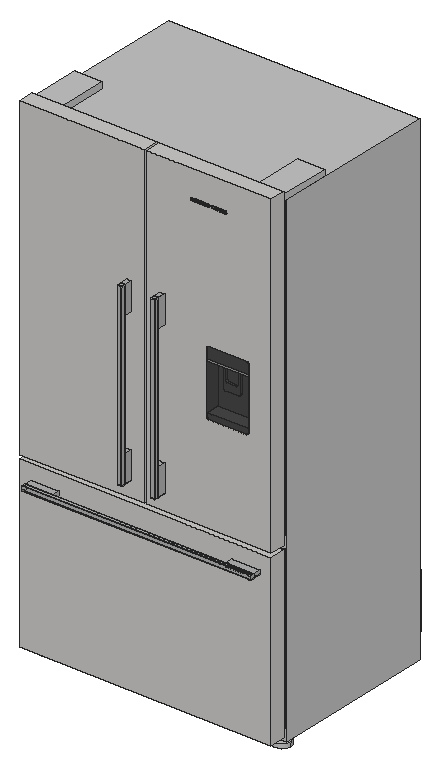
Revit family "FP_Revit_18_RF610ADUSX4_Fridge_90001954A", category Specialty Equipment, Revit 2018
Family settings
  Round Connector Dimension = Use Diameter
  Part Type = Normal
  OmniClass Number = 23.40.40.11.11.17
  OmniClass Title = Refrigerator-Freezer
  Work Plane-Based = No
  Always vertical = Yes
  Cut with Voids When Loaded = Yes
  Shared = No
  Room Calculation Point = No
Parameters
  Visibility - Contemporary square handle = yes
  Visibility - Contemporary round handle = no
  Visibility - Clearance Required = yes
  URL = "www.fisherpaykel.com"
  Product - Width = 900 mm  # constant formula
  Product - Height = 1795 mm  # constant formula
  Product - Depth = 695 mm  # constant formula
  Model = "RF610ADUSX4"
  Material - Handle = Fisher & Paykel - Aluminium
  Material - Door Structure = Fisher & Paykel - White
  Material - Door Front = Fisher & Paykel - Stainless Steel
  Material - Body = Fisher & Paykel - Grey
  Manufacturer = "Fisher & Paykel Appliances"
  Description = "90cm French Door Refrigerator Freezer, Ice and Water"
  Connector Description - Water = "Ø6mm (1/4”) quick connect"
  Connector Description - Electrical = "230 V, 50 Hz"
  Chassis - Width = 900 mm  # constant formula
  Chassis - Height = 1737 mm  # constant formula
  Chassis - Depth = 625 mm  # constant formula
  Cavity - Width = 940 mm  # constant formula
  Cavity - Height = 1815 mm  # constant formula
  Cavity - Depth = 695 mm  # constant formula
Reference planes
  plane 1 "Datum": y = 0
  plane 2: z = 0
  plane 3 "Center (Left/Right)": x = 0
  plane 4 "Product LHS": x = -450
  plane 5 "Product RHS": x = 450
  plane 6 "Product - Depth": y = 625
  plane 7 "Cavity LHS": x = -470
  plane 8 "Cavity RHS": x = 470
  plane 9 "Cavity - Depth": y = 625
  plane 10 "Cavity Height": z = 1815
  plane 11 "Product - Height": z = 1795
  plane 12 "Door Front": y = -70
Forms (mm)
  Extrusion 1, solid, material "Fisher & Paykel - Grey" <- "Material - Body"
    sketch origin (0, -1.89, -0.809) x (0, 1, 0) y (0, 0, 1)
      loop
        line (1.89, 24.809) -> (596.89, 24.809) -> (596.89, 1761.809) -> (1.89, 1761.809) -> (1.89, 24.809)
    from -450 to 450
  Extrusion 2, void
    sketch origin (-955, 0, 0) x (1, 0, 0) y (0, 0, 1)
      loop
        arc (1182.459, 1245.1) -> (1176.803, 1242.757) -> (1174.459, 1237.1) r 8
        line (1174.459, 1237.1) -> (1174.459, 1017.5)
        arc (1174.459, 1017.5) -> (1176.803, 1011.843) -> (1182.459, 1009.5) r 8
        line (1182.459, 1009.5) -> (1316.959, 1009.5)
        arc (1316.959, 1009.5) -> (1322.616, 1011.843) -> (1324.959, 1017.5) r 8
        line (1324.959, 1017.5) -> (1324.959, 1237.1)
        arc (1324.959, 1237.1) -> (1322.616, 1242.757) -> (1316.959, 1245.1) r 8
        line (1316.959, 1245.1) -> (1182.459, 1245.1)
    from 15 to 70.043
  Extrusion 3, solid, material "Fisher & Paykel - Clearance Required", visible <- "Visibility - Clearance Required", detail levels coarse
    sketch origin (0, 0, 0) x (0, 1, 0) y (0, 0, 1)
      loop
        line (-70.043, 645) -> (-429.921, 645) -> (-429.921, 592) -> (-470.878, 592) -> (-470.878, 576) -> (-429.921, 576) -> (-429.921, 41) -> (-70.043, 41) -> (-70.043, 645)
    from -457 to 457
  Extrusion 4, solid, material "Fisher & Paykel - White" <- "Material - Door Structure"
    sketch origin (0, 0, 0) x (1, 0, 0) y (0, 0, 1)
      loop
        line (-439, 639) -> (-439, 63) -> (442, 63) -> (442, 639) -> (-439, 639)
      loop
        line (-12, 682) -> (-12, 1755) -> (-439, 1755) -> (-439, 682) -> (-12, 682)
      loop
        line (12, 682) -> (442, 682) -> (442, 1755) -> (12, 1755) -> (12, 682)
    from 0 to 15
  Extrusion 5, solid, material "Fisher & Paykel - Stainless Steel" <- "Material - Door Front"
    sketch origin (0, 0, 0) x (1, 0, 0) y (0, 0, 1)
      loop
        line (-450, 660) -> (-4, 660) -> (-4, 1795) -> (-450, 1795) -> (-450, 660)
      loop
        line (4, 1795) -> (4, 660) -> (450, 660) -> (450, 1795) -> (4, 1795)
    from 15 to 70.043
  Extrusion 6, solid, material "Fisher & Paykel - Clearance Required", visible <- "Visibility - Clearance Required", detail levels coarse
    sketch origin (0, 0, 0) x (1, 0, 0) y (0, 1, 0)
      loop
        line (-470, 625) -> (-470, 0) -> (-584.999, 0) -> (-584.999, -70) -> (584.999, -70) -> (584.999, 0) -> (470, 0) -> (470, 625) -> (-470, 625)
    from 0 to 1810
  Extrusion 7, solid, material "Fisher & Paykel - Clearance Required", visible <- "Visibility - Clearance Required", detail levels coarse
    sketch origin (0, 0, 0) x (1, 0, 0) y (0, 1, 0)
      loop
        line (-524.032, -70.043) -> (-736.476, -261.329) -> (-764.471, -230.237) -> (-775.796, -241.562) -> (-748.362, -272.031) -> (-784.022, -304.139)
        arc (-784.022, -304.139) -> (-313.722, -454.62) -> (-4, -70.043) r 436.47
        line (-4, -70.043) -> (-524.032, -70.043)
      loop
        line (524.032, -70.043) -> (4, -70.043)
        arc (4, -70.043) -> (313.722, -454.62) -> (784.022, -304.139) r 436.47
        line (784.022, -304.139) -> (748.362, -272.031) -> (775.796, -241.562) -> (764.471, -230.237) -> (736.476, -261.329) -> (524.032, -70.043)
    from 660 to 1810
  Extrusion 8, solid, material "Fisher & Paykel - Grey" <- "Material - Body", detail levels medium+fine
    sketch origin (0, 0, 0) x (1, 0, 0) y (0, 1, 0)
      loop
        line (-351.4, 174) -> (-448.4, 174) -> (-448.4, -15) -> (-351.4, -15) -> (-351.4, 174)
      loop
        line (351.4, 174) -> (351.4, -15) -> (448.4, -15) -> (448.4, 174) -> (351.4, 174)
    from 1761 to 1783
  Extrusion 9, solid, material "Fisher & Paykel - Grey" <- "Material - Body", detail levels medium+fine
    sketch origin (0, 0, 0) x (1, 0, 0) y (0, 1, 0)
      loop
        circle (419.5, 18.6) r 30
      loop
        circle (-419.5, 18.6) r 30
    from 0 to 14
  Extrusion 10, solid, material "Fisher & Paykel - Grey" <- "Material - Body", detail levels medium+fine
    sketch origin (0, 0, 0) x (1, 0, 0) y (0, 1, 0)
      loop
        circle (419.5, 18.6) r 4.9
      loop
        circle (-419.5, 18.6) r 4.9
    from 14 to 24
  Extrusion 11, solid, material "Fisher & Paykel - Grey" <- "Material - Body", detail levels medium+fine
    sketch origin (0, 0, 0) x (0, 1, 0) y (0, 0, 1)
      loop
        arc (63.5, 24) -> (87.5, 0) -> (111.5, 24) r 24
        line (111.5, 24) -> (63.5, 24)
      loop
        arc (505, 24) -> (529, 0) -> (553, 24) r 24
        line (553, 24) -> (505, 24)
    from -393.35 to -376.65
  Extrusion 12, solid, material "Fisher & Paykel - Grey" <- "Material - Body", detail levels medium+fine
    sketch origin (0, 0, 0) x (0, 1, 0) y (0, 0, -1)
      loop
        line (63.5, -24) -> (111.5, -24)
        arc (111.5, -24) -> (87.5, 0) -> (63.5, -24) r 24
      loop
        line (505, -24) -> (553, -24)
        arc (553, -24) -> (529, 0) -> (505, -24) r 24
    from -393.35 to -376.65
  Extrusion 13, solid, material "Fisher & Paykel - Grey" <- "Material - Body"
    sketch origin (0, 0, 0) x (0, 1, 0) y (0, 0, 1)
      loop
        line (595, 24) -> (625, 24) -> (625, 294) -> (595, 324) -> (595, 24)
    from -430 to 430
  Extrusion 14, void
    sketch origin (0, 0, 0) x (1, 0, 0) y (0, 0, 1)
      loop
        line (255, 94) -> (255, 24) -> (430, 24) -> (430, 94) -> (255, 94)
      loop
        circle (410, 69) r 5
      loop
        circle (310, 69) r 5
    from -625 to -595
  Extrusion 15, solid, material "Fisher & Paykel - Stainless Steel" <- "Material - Door Front"
    sketch origin (0, 0, 0) x (0, 1, 0) y (0, 0, 1)
      loop
        line (-15, 645) -> (-70, 645) -> (-70, 41) -> (-15, 41) -> (-15, 645)
    from -450 to 450
  Extrusion 16, void
    sketch origin (0, 0, 0) x (1, 0, 0) y (0, 1, 0)
      loop
        line (-470, 625) -> (-470, 0) -> (-584.999, 0) -> (-584.999, -70) -> (584.999, -70) -> (584.999, 0) -> (470, 0) -> (470, 625) -> (-470, 625)
    from 0 to 1810
Cuts and joins
  Extrusion 2 cuts Extrusion 5
  Extrusion 14 cuts Extrusion 1
  Extrusion 14 cuts Extrusion 13
Text (mm)
  text "Due to ongoing product development, product details are subject to change without notice. \nPlease always refer to www.fisherpaykel.com for the most current product information. \n© Fisher & Paykel 2020" at (41.04, -527.568, 0), in view "Ref. Level (Plan)"
Dimensions and locks
  equal spacing: plane 4 "Product LHS", plane 3 "Center (Left/Right)", plane 5 "Product RHS"
  "Product - Width": plane 4 "Product LHS" to plane 5 "Product RHS"
  equal spacing: plane 7 "Cavity LHS", plane 3 "Center (Left/Right)", plane 8 "Cavity RHS"
  "Cavity - Width": plane 7 "Cavity LHS" to plane 8 "Cavity RHS"
  "Cavity - Height": plane 10 "Cavity Height" to level
  Extrusion 2 sketch curve to plane 3 "Center (Left/Right)" = 369.959 mm
  Extrusion 2 sketch curve to Extrusion 2 sketch curve = 235.6 mm
  Extrusion 2 sketch curve to level = 1009.5 mm
  Extrusion 2 sketch curve to Extrusion 2 sketch curve = 150.5 mm
  "Product - Height": level to plane 11 "Product - Height"
  "Chassis - Height": cut or joined group of Extrusion 1, Extrusion 14 to cut or joined group of Extrusion 1, Extrusion 14
  plane 7 "Cavity LHS" to plane 4 "Product LHS" = 20 mm
  plane 5 "Product RHS" to plane 8 "Cavity RHS" = 20 mm
  Extrusion 6 to plane 4 "Product LHS" = 134.999 mm
  plane 5 "Product RHS" to Extrusion 6 = 134.999 mm
  plane 11 "Product - Height" to nested 2 = 102.779 mm
  nested 2 to plane 3 "Center (Left/Right)" = 227 mm
  "Cavity - Depth": plane 12 "Door Front" to plane 9 "Cavity - Depth"
  plane 12 "Door Front" to plane 1 "Datum" = 70 mm
  "Chassis - Depth": plane 6 "Product - Depth" to plane 1 "Datum"
  "Product - Depth": plane 6 "Product - Depth" to plane 12 "Door Front"
  aligned and locked: level to plane 2
  aligned and locked: plane 4 "Product LHS" to Extrusion 1
  aligned and locked: Extrusion 1 to plane 5 "Product RHS"
  aligned and locked: Extrusion 9 to level
  aligned and locked: Extrusion 14 to Extrusion 13
  aligned and locked: plane 9 "Cavity - Depth" to Extrusion 6
  aligned and locked: plane 6 "Product - Depth" to Extrusion 14
  aligned and locked: plane 12 "Door Front" to Extrusion 6 sketch curve
  aligned and locked: Extrusion 6 sketch curve to plane 1 "Datum"
  aligned and locked: plane 12 "Door Front" to Extrusion 15 sketch curve
  aligned and locked: Extrusion 15 to plane 5 "Product RHS"
  aligned and locked: plane 4 "Product LHS" to Extrusion 15
  aligned and locked: Extrusion 15 to Extrusion 3
Automatic sketch dimensions
  Extrusion 1 sketch curve to plane 1 "Datum" = 0 mm
  Extrusion 1 sketch curve to plane 6 "Product - Depth" = 30 mm
  level to Extrusion 1 sketch curve = 24 mm
  plane 11 "Product - Height" to Extrusion 1 sketch curve = 34 mm
  Extrusion 2 sketch curve to Extrusion 2 sketch curve = 8 mm  (x4)
  plane 12 "Door Front" to Extrusion 3 sketch curve = 400.878 mm
  Extrusion 3 sketch curve to Extrusion 3 sketch curve = 40.957 mm
  Extrusion 3 sketch curve to Extrusion 3 sketch curve = 0 mm
  plane 12 "Door Front" to Extrusion 3 sketch curve = 0.043 mm
  level to Extrusion 3 sketch curve = 41 mm
  Extrusion 3 sketch curve to Extrusion 3 sketch curve = 535 mm
  Extrusion 3 sketch curve to Extrusion 3 sketch curve = 16 mm
  Extrusion 3 sketch curve to Extrusion 3 sketch curve = 53 mm
  Extrusion 4 sketch curve to plane 4 "Product LHS" = 11 mm  (x2)
  Extrusion 4 sketch curve to plane 3 "Center (Left/Right)" = 12 mm
  plane 3 "Center (Left/Right)" to Extrusion 4 sketch curve = 12 mm
  plane 5 "Product RHS" to Extrusion 4 sketch curve = 8 mm  (x2)
  level to Extrusion 4 sketch curve = 63 mm
  Extrusion 4 sketch curve to Extrusion 4 sketch curve = 576 mm
  Extrusion 4 sketch curve to Extrusion 4 sketch curve = 43 mm
  Extrusion 4 sketch curve to Extrusion 4 sketch curve = 0 mm  (x2)
  plane 11 "Product - Height" to Extrusion 4 sketch curve = 40 mm
  plane 4 "Product LHS" to Extrusion 5 sketch curve = 0 mm
  plane 5 "Product RHS" to Extrusion 5 sketch curve = 0 mm
  Extrusion 5 sketch curve to plane 11 "Product - Height" = 0 mm  (x2)
  Extrusion 5 sketch curve to plane 3 "Center (Left/Right)" = 4 mm
  plane 3 "Center (Left/Right)" to Extrusion 5 sketch curve = 4 mm
  level to Extrusion 5 sketch curve = 660 mm
  Extrusion 5 sketch curve to Extrusion 5 sketch curve = 0 mm
  Extrusion 6 sketch curve to plane 6 "Product - Depth" = 0 mm
  Extrusion 6 sketch curve to plane 7 "Cavity LHS" = 0 mm
  Extrusion 6 sketch curve to plane 8 "Cavity RHS" = 0 mm
  plane 1 "Datum" to Extrusion 6 sketch curve = 0 mm
  plane 7 "Cavity LHS" to Extrusion 6 sketch curve = 114.999 mm
  Extrusion 6 sketch curve to Extrusion 6 sketch curve = 114.999 mm
  plane 7 "Cavity LHS" to Extrusion 7 sketch curve = 314.022 mm
  Extrusion 7 sketch curve to Extrusion 7 sketch curve = 8.226 mm
  Extrusion 7 sketch curve to Extrusion 7 sketch curve = 11.325 mm  (x2)
  Extrusion 7 sketch curve to Extrusion 7 sketch curve = 27.434 mm
  plane 12 "Door Front" to Extrusion 7 sketch curve = 191.329 mm  (x2)
  Extrusion 7 sketch curve to Extrusion 7 sketch curve = 11.886 mm  (x2)
  plane 12 "Door Front" to Extrusion 7 sketch curve = 0.043 mm  (x2)
  plane 7 "Cavity LHS" to Extrusion 7 sketch curve = 54.032 mm
  Extrusion 7 sketch curve to plane 4 "Product LHS" = 10.815 mm
  Extrusion 7 sketch curve to plane 3 "Center (Left/Right)" = 4 mm
  plane 3 "Center (Left/Right)" to Extrusion 7 sketch curve = 4 mm
  plane 5 "Product RHS" to Extrusion 7 sketch curve = 10.815 mm
  Extrusion 7 sketch curve to plane 8 "Cavity RHS" = 54.032 mm
  Extrusion 7 sketch curve to plane 8 "Cavity RHS" = 266.476 mm
  plane 12 "Door Front" to Extrusion 7 sketch curve = 160.237 mm
  Extrusion 7 sketch curve to Extrusion 7 sketch curve = 35.66 mm
  Extrusion 7 sketch curve to Extrusion 7 sketch curve = 10.702 mm  (x2)
  Extrusion 7 sketch curve to Extrusion 7 sketch curve = 32.108 mm  (x2)
  Extrusion 8 sketch curve to plane 4 "Product LHS" = 1.6 mm
  plane 1 "Datum" to Extrusion 8 sketch curve = 15 mm  (x2)
  Extrusion 8 sketch curve to Extrusion 8 sketch curve = 97 mm
  plane 5 "Product RHS" to Extrusion 8 sketch curve = 98.6 mm
  plane 5 "Product RHS" to Extrusion 8 sketch curve = 1.6 mm
  Extrusion 8 sketch curve to plane 1 "Datum" = 174 mm  (x2)
  Extrusion 9 sketch curve to plane 4 "Product LHS" = 30.5 mm
  plane 5 "Product RHS" to Extrusion 9 sketch curve = 30.5 mm
  Extrusion 9 sketch curve to plane 1 "Datum" = 18.6 mm  (x2)
  Extrusion 10 sketch curve to plane 4 "Product LHS" = 30.5 mm
  plane 5 "Product RHS" to Extrusion 10 sketch curve = 30.5 mm
  Extrusion 10 sketch curve to plane 1 "Datum" = 18.6 mm  (x2)
  Extrusion 11 sketch curve to plane 1 "Datum" = 63.5 mm
  Extrusion 11 sketch curve to Extrusion 11 sketch curve = 24 mm  (x2)
  level to Extrusion 11 sketch curve = 24 mm  (x2)
  Extrusion 11 sketch curve to plane 6 "Product - Depth" = 120 mm
  Extrusion 12 sketch curve to plane 1 "Datum" = 63.5 mm
  Extrusion 12 sketch curve to Extrusion 12 sketch curve = 24 mm  (x2)
  level to Extrusion 12 sketch curve = 24 mm  (x2)
  Extrusion 12 sketch curve to plane 6 "Product - Depth" = 120 mm
  Extrusion 13 sketch curve to plane 6 "Product - Depth" = 0 mm
  Extrusion 13 sketch curve to plane 6 "Product - Depth" = 30 mm
  level to Extrusion 13 sketch curve = 24 mm
  Extrusion 13 sketch curve to Extrusion 13 sketch curve = 270 mm
  Extrusion 13 sketch curve to Extrusion 13 sketch curve = 30 mm
  level to Extrusion 14 sketch curve = 94 mm
  plane 5 "Product RHS" to Extrusion 14 sketch curve = 195 mm
  Extrusion 14 sketch curve to Extrusion 14 sketch curve = 55 mm
  plane 5 "Product RHS" to Extrusion 14 sketch curve = 40 mm
  plane 5 "Product RHS" to Extrusion 14 sketch curve = 20 mm
  Extrusion 14 sketch curve to Extrusion 14 sketch curve = 25 mm  (x2)
  level to Extrusion 14 sketch curve = 24 mm
  plane 1 "Datum" to Extrusion 15 sketch curve = 15 mm
  level to Extrusion 15 sketch curve = 41 mm
  plane 1 "Datum" to Extrusion 16 sketch curve = 0 mm  (x2)
  plane 12 "Door Front" to Extrusion 16 sketch curve = 0 mm
  Extrusion 16 sketch curve to plane 6 "Product - Depth" = 0 mm
  Extrusion 16 sketch curve to plane 7 "Cavity LHS" = 0 mm
  Extrusion 16 sketch curve to plane 8 "Cavity RHS" = 0 mm
  plane 7 "Cavity LHS" to Extrusion 16 sketch curve = 114.999 mm
  Extrusion 16 sketch curve to Extrusion 16 sketch curve = 114.999 mm
  Extrusion 15 sketch curve to Extrusion 15 sketch curve = 604 mm
  radius of Extrusion 9 sketch curve = 30 mm  (x2)
  radius of Extrusion 10 sketch curve = 4.9 mm  (x2)
  radius of Extrusion 14 sketch curve = 5 mm  (x2)
Nested families
  nested 1: "F&P Water Dispenser" at (294.25, -70, 1009.5), type "F&P Water Dispenser"
  nested 2: "F&P Logo 130mm" at (227, -70, 1692.221), type "F&P Logo 130mm"
  nested 3: "F&P Handle Contemporary Square - Horizontal" at (0, -70, 584.022), visible <- "Visibility - Contemporary square handle", type "Aluminium"
  nested 4: "F&P Handle Contemporary Square - Vertical" at (60, -70, 1036), visible <- "Visibility - Contemporary square handle", type "Aluminium"
  nested 5: "F&P Handle Contemporary Square - Vertical" at (-60, -70, 1036), visible <- "Visibility - Contemporary square handle", type "Aluminium"
  nested 6: "F&P Handle Kit - Contemporary Round - Horizontal" at (0, -70, 584.026), visible <- "Visibility - Contemporary round handle", type "25335 AHS-RF-610 - Contemporary round handle (2 of 2) (Horizontal) 820mm"
  nested 7: "F&P Handle Kit - Contemporary Round - Vertical" at (-60, -70, 1036), visible <- "Visibility - Contemporary round handle", type "25335 AHS-RF-610A - Contemporary round handle (1 of 2) (Vertical) 642mm"
  nested 8: "F&P Handle Kit - Contemporary Round - Vertical" at (60, -70, 1036), visible <- "Visibility - Contemporary round handle", type "25335 AHS-RF-610A - Contemporary round handle (1 of 2) (Vertical) 642mm"
Connectors
  electrical at (410, 625, 69), driven by "Connector Description - Electrical"
    settings: on cut or joined group of Extrusion 13, Extrusion 14, index 1, voltage 230 V, apparent load 0 VA, apparent load phase1 0 VA, apparent load phase2 0 VA, apparent load phase3 0 VA, power factor 1, load classification "Other", number of poles 1, system type 30, power factor state 1, is connector primary yes, connector utility no, sub classification motor no, connector description "230 V, 50 Hz"
  piping at (310, 625, 69), diameter 6, driven by "Connector Description - Water"
    settings: on cut or joined group of Extrusion 13, Extrusion 14, index 2, connector inside diameter 609.6 mm, connector length 0 mm, flow factor 0, pipe flow 0.0 L/s, pressure drop 0.0 Pa, fitting loss kfactor 0, connector angle 0.00°, fixture units 0, engagement length 0 mm, angle of deflection 0.00°, flow configuration 0, flow direction 1, fitting loss method 0, system type 20, joint type 0, gender type 0, connector reference index -1, connector utility 0, adjustable connector no, is connector primary yes, connector description "Ø6mm (1/4”) quick connect"
Definition of nested family "F&P Water Dispenser"
  Parameters (values of type "F&P Water Dispenser")
    URL = "www.fisherpaykel.com"
    Material - Trim = none
    Material - Body = none
    Manufacturer = "Fisher & Paykel Appliances"
    Connector Description - Water = ""
    Connector Description - Electrical = ""
  Reference planes
    plane 1 "Center (Front/Back)": y = 0
    plane 2: z = 0
    plane 3 "Center (Left/Right)": x = 0
  Forms (mm)
    Extrusion 1, solid, material <- "Material - Body"
      sketch origin (0, 0, 0) x (1, 0, 0) y (0, 0, 1)
        loop
          arc (-67.25, 235.6) -> (-72.907, 233.257) -> (-75.25, 227.6) r 8
          line (-75.25, 227.6) -> (-75.25, 8)
          arc (-75.25, 8) -> (-72.907, 2.343) -> (-67.25, 0) r 8
          line (-67.25, 0) -> (67.25, 0)
          arc (67.25, 0) -> (72.907, 2.343) -> (75.25, 8) r 8
          line (75.25, 8) -> (75.25, 227.609)
          arc (75.25, 227.609) -> (72.909, 233.259) -> (67.259, 235.6) r 7.991
          line (67.259, 235.6) -> (-67.25, 235.6)
        loop
          line (-74.25, 192.6) -> (-74.25, 20) -> (74.25, 20) -> (74.25, 192.6) -> (-74.25, 192.6)
      from -55 to 0
    Extrusion 2, solid, material <- "Material - Trim", detail levels fine
      sketch origin (0, 0, 0) x (1, 0, 0) y (0, 0, 1)
        loop
          line (-74.25, 192.6) -> (-74.25, 187.1) -> (74.25, 187.1) -> (74.25, 192.6) -> (-74.25, 192.6)
      from -55 to 0
    Extrusion 3, solid, material <- "Material - Body"
      sketch origin (0, 0, 0) x (1, 0, 0) y (0, 0, 1)
        loop
          line (-74.25, 187.1) -> (-74.25, 20) -> (74.25, 20) -> (74.25, 187.1) -> (-74.25, 187.1)
      from -55 to -50
    Extrusion 4, solid, material <- "Material - Body", detail levels fine
      sketch origin (0, 0, 0) x (1, 0, 0) y (0, 0, 1)
        loop
          line (-30, 187.1) -> (-30, 105.1)
          arc (-30, 105.1) -> (-27.657, 99.443) -> (-22, 97.1) r 8
          line (-22, 97.1) -> (22, 97.1)
          arc (22, 97.1) -> (27.657, 99.443) -> (30, 105.1) r 8
          line (30, 105.1) -> (30, 187.1) -> (23.5, 187.1) -> (23.5, 134.1)
          arc (23.5, 134.1) -> (21.157, 128.443) -> (15.5, 126.1) r 8
          line (15.5, 126.1) -> (-15.5, 126.1)
          arc (-15.5, 126.1) -> (-21.157, 128.443) -> (-23.5, 134.1) r 8
          line (-23.5, 134.1) -> (-23.5, 187.1) -> (-30, 187.1)
      from -27.6 to -21.6
    Extrusion 5, solid, material <- "Material - Body", detail levels fine
      sketch origin (0, 0, 0) x (1, 0, 0) y (0, 1, 0)
        loop
          circle (0, 24.6) r 7.5
      from 179.1 to 187.1
  Dimensions and locks
    aligned and locked: level to plane 2
Definition of nested family "F&P Logo 130mm"
  Parameters (values of type "F&P Logo 130mm")
    URL = "www.fisherpaykel.com"
    Material - Logo = none
    Manufacturer = "Fisher & Paykel Appliances"
  Reference planes
    plane 1 "Center (Front/Back)": y = 0
    plane 2: z = 0
    plane 3 "Center (Left/Right)": x = 0
  Forms (mm)
    Extrusion 1, solid, material <- "Material - Logo", detail levels fine
      sketch origin (0, 0, 0) x (1, 0, 0) y (0, 0, 1)
        loop
          line (-64.995, 0) -> (-62.949, 0) -> (-62.949, 2.779) -> (-59.752, 2.779) -> (-59.752, 4.514) -> (-62.949, 4.514) -> (-62.949, 6.125) -> (-59.47, 6.125) -> (-59.47, 7.852) -> (-64.995, 7.852) -> (-64.995, 0)
        loop
          line (-55.583, 7.852) -> (-55.583, 0) -> (-53.537, 0) -> (-53.537, 7.852) -> (-55.583, 7.852)
        loop
          line (-39.879, 7.852) -> (-39.879, 0) -> (-37.834, 0) -> (-37.834, 3.146) -> (-34.828, 3.146) -> (-34.828, 0) -> (-32.782, 0) -> (-32.782, 7.852) -> (-34.828, 7.852) -> (-34.828, 4.872) -> (-37.834, 4.872) -> (-37.834, 7.852) -> (-39.879, 7.852)
        loop
          line (-28.416, 7.852) -> (-28.416, 0) -> (-22.821, 0) -> (-22.821, 1.727) -> (-26.388, 1.727) -> (-26.388, 3.146) -> (-23.128, 3.146) -> (-23.128, 4.872) -> (-26.388, 4.872) -> (-26.388, 6.125) -> (-22.821, 6.125) -> (-22.821, 7.852) -> (-28.416, 7.852)
        loop
          line (59.429, 7.852) -> (59.429, 0) -> (65.005, 0) -> (65.005, 1.727) -> (61.476, 1.727) -> (61.476, 7.852) -> (59.429, 7.852)
        loop
          line (55.223, 7.852) -> (49.609, 7.852) -> (49.609, 0) -> (55.223, 0) -> (55.223, 1.727) -> (51.655, 1.727) -> (51.655, 3.146) -> (54.916, 3.146) -> (54.916, 4.872) -> (51.655, 4.872) -> (51.655, 6.125) -> (55.223, 6.125) -> (55.223, 7.852)
        loop
          line (43.548, 4.092) -> (46.45, 7.852) -> (44.059, 7.852) -> (41.552, 4.604) -> (41.552, 7.852) -> (39.507, 7.852) -> (39.507, 0) -> (41.552, 0) -> (41.552, 3.517) -> (44.136, 0) -> (46.554, 0) -> (43.548, 4.092)
        loop
          line (28.637, 7.852) -> (31.604, 3.146) -> (31.604, 0) -> (33.65, 0) -> (33.65, 3.043) -> (36.617, 7.852) -> (34.443, 7.852) -> (32.692, 4.819) -> (30.941, 7.852) -> (28.637, 7.852)
        loop
          line (24.085, 7.852) -> (22.141, 7.852) -> (18.943, 0) -> (20.952, 0) -> (21.514, 1.445) -> (24.66, 1.445) -> (25.223, 0) -> (27.282, 0) -> (24.085, 7.852)
        loop
          line (23.982, 3.171) -> (23.064, 5.426) -> (22.186, 3.171) -> (23.982, 3.171)
        loop
          line (10.503, 7.852) -> (10.503, 0) -> (12.55, 0) -> (12.55, 2.519) -> (13.842, 2.519)
          arc (13.842, 2.519) -> (16.508, 5.186) -> (13.842, 7.852) r 2.666
          line (13.842, 7.852) -> (10.503, 7.852)
        loop
          line (12.55, 6.125) -> (12.55, 4.156) -> (13.714, 4.156)
          arc (13.714, 4.156) -> (14.699, 5.141) -> (13.714, 6.125) r 0.985
          line (13.714, 6.125) -> (12.55, 6.125)
        loop
          line (-15.255, 7.852) -> (-18.614, 7.852) -> (-18.614, 0) -> (-16.568, 0) -> (-16.568, 2.052) -> (-15.768, 2.052) -> (-14.202, 0) -> (-11.836, 0) -> (-13.84, 2.565)
          arc (-13.84, 2.565) -> (-12.519, 5.752) -> (-15.255, 7.852) r 2.833
        loop
          line (-15.404, 6.125) -> (-16.568, 6.125) -> (-16.568, 3.969) -> (-15.404, 3.969)
          arc (-15.404, 3.969) -> (-14.326, 5.047) -> (-15.404, 6.125) r 1.078
        loop
          line (0.683, 6.125) -> (0.683, 7.999) -> (-4.586, 7.999) -> (-4.586, 6.306) -> (-3.804, 5.345)
          arc (-3.804, 5.345) -> (-4.501, 0.889) -> (0.004, 0.665) r 3.034
          line (0.004, 0.665) -> (0.546, 0) -> (2.867, 0) -> (1.181, 2.072) -> (2.704, 4.268) -> (0.602, 4.268) -> (0.046, 3.467) -> (-2.117, 6.125) -> (0.683, 6.125)
        loop
          arc (-2.7, 3.989) -> (-2.887, 2.168) -> (-1.066, 1.981) r 1.294
          line (-1.066, 1.981) -> (-2.7, 3.989)
        loop
          line (-45.672, 4.724) -> (-47.408, 5.084)
          arc (-47.408, 5.084) -> (-48.101, 5.776) -> (-47.408, 6.469) r 0.693
          arc (-47.408, 6.469) -> (-45.742, 6.227) -> (-44.214, 5.522) r 5.856
          line (-44.214, 5.522) -> (-44.214, 7.466)
          arc (-44.214, 7.466) -> (-46.152, 8.033) -> (-48.168, 7.942) r 6.144
          arc (-48.168, 7.942) -> (-50.034, 5.635) -> (-48.168, 3.329) r 2.358
          line (-48.168, 3.329) -> (-46.418, 2.967)
          arc (-46.418, 2.967) -> (-45.725, 2.274) -> (-46.418, 1.581) r 0.693
          arc (-46.418, 1.581) -> (-48.083, 1.823) -> (-49.611, 2.528) r 5.856
          line (-49.611, 2.528) -> (-49.611, 0.584)
          arc (-49.611, 0.584) -> (-47.674, 0.017) -> (-45.658, 0.108) r 6.144
          arc (-45.658, 0.108) -> (-43.791, 2.422) -> (-45.672, 4.724) r 2.358
      from 0 to 0.8
  Dimensions and locks
    aligned and locked: level to plane 2
Definition of nested family "F&P Handle Contemporary Square - Horizontal"
  Parameters (values of type "Aluminium (Dark)")
    URL = "www.fisherpaykel.com"
    Material - Handle = none
    Manufacturer = "Fisher & Paykel Appliances"
    Handle - Standoff = 100 mm
    Handle - Length = 820 mm
  Types (2): name
    Aluminium
    Aluminium (Dark)
  Reference planes
    plane 1 "Center (Front/Back)": y = 0
    plane 2: z = 0
    plane 3 "Center (Left/Right)": x = 0
    plane 4 "Product LHS": x = -410
    plane 5 "Product RHS": x = 410
    plane 6 "LHS Standoff": x = -310
    plane 7 "RHS Standoff": x = 310
  Forms (mm)
    Extrusion 1, solid, material <- "Material - Handle", detail levels fine
      sketch origin (0, 0, 0) x (0, 1, 0) y (0, 0, 1)
        loop
          arc (-27.701, 7.561) -> (-28.057, 7.868) -> (-28.514, 7.978) r 1
          line (-28.514, 7.978) -> (-39.5, 7.978)
          arc (-39.5, 7.978) -> (-40.561, 7.539) -> (-41, 6.478) r 1.5
          line (-41, 6.478) -> (-41, -6.522)
          arc (-41, -6.522) -> (-40.561, -7.583) -> (-39.5, -8.022) r 1.5
          line (-39.5, -8.022) -> (-28.487, -8.022)
          arc (-28.487, -8.022) -> (-28.029, -7.911) -> (-27.673, -7.602) r 1
          arc (-27.673, -7.602) -> (-25.256, -0.016) -> (-27.701, 7.561) r 13.038
      from -410 to 410
    Extrusion 2, solid, material <- "Material - Handle", detail levels fine
      sketch origin (0, 0, 0) x (0, 1, 0) y (0, 0, 1)
        loop
          arc (-27.23, 7.062) -> (-25.156, 0.008) -> (-27.198, -7.056) r 13.136
          arc (-27.198, -7.056) -> (-27.21, -7.463) -> (-26.86, -7.67) r 0.4
          line (-26.86, -7.67) -> (0, -7.67) -> (0, 7.678) -> (-26.893, 7.678)
          arc (-26.893, 7.678) -> (-27.244, 7.47) -> (-27.23, 7.062) r 0.4
      from 310 to 410
    Extrusion 3, solid, material <- "Material - Handle", detail levels fine
      sketch origin (0, 0, 0) x (0, 1, 0) y (0, 0, -1)
        loop
          arc (-27.23, -7.062) -> (-27.244, -7.47) -> (-26.893, -7.678) r 0.4
          line (-26.893, -7.678) -> (0, -7.678) -> (0, 7.67) -> (-26.86, 7.67)
          arc (-26.86, 7.67) -> (-27.21, 7.463) -> (-27.198, 7.056) r 0.4
          arc (-27.198, 7.056) -> (-25.156, -0.008) -> (-27.23, -7.062) r 13.136
      from 310 to 410
    Sweep 4, void
      path in 3D
        loop
          line (410, -28.514, 7.978) -> (410, -39.5, 7.978)
          arc (410, -39.5, 7.978) -> (410, -40.561, 7.539) -> (410, -41, 6.478) r 1.5
          line (410, -41, 6.478) -> (410, -41, -6.522)
          arc (410, -41, -6.522) -> (410, -40.561, -7.583) -> (410, -39.5, -8.022) r 1.5
          line (410, -39.5, -8.022) -> (410, -28.487, -8.022)
      profile origin (410, -34.007, 7.978) x (1, 0, 0) y (0, 0, 1)
        loop
          line (0, 0) -> (-1.3, 0) -> (0, -1.3) -> (0, 0)
    Sweep 5, void
      path in 3D
        loop
          line (-410, -28.487, -8.022) -> (-410, -39.5, -8.022)
          arc (-410, -39.5, -8.022) -> (-410, -40.561, -7.583) -> (-410, -41, -6.522) r 1.5
          line (-410, -41, -6.522) -> (-410, -41, 6.478)
          arc (-410, -41, 6.478) -> (-410, -40.561, 7.539) -> (-410, -39.5, 7.978) r 1.5
          line (-410, -39.5, 7.978) -> (-410, -28.514, 7.978)
      profile origin (-410, -34.007, 7.978) x (-1, 0, 0) y (0, 0, 1)
        loop
          line (0, 0) -> (-1.3, 0) -> (0, -1.3) -> (0, 0)
    Extrusion 6, void
      sketch origin (0, 0, 0) x (1, 0, 0) y (0, 0, 1)
        loop
          line (410, 7.978) -> (408.7, 7.978) -> (410, 6.678) -> (410, 7.978)
        loop
          line (410, -8.022) -> (410, -6.722) -> (408.7, -8.022) -> (410, -8.022)
      from 0 to 28.514
    Extrusion 7, void
      sketch origin (0, 0, 0) x (1, 0, 0) y (0, 0, 1)
        loop
          line (-410, 7.978) -> (-410, 6.678) -> (-408.7, 7.978) -> (-410, 7.978)
        loop
          line (-410, -8.022) -> (-408.7, -8.022) -> (-410, -6.722) -> (-410, -8.022)
      from 0 to 28.487
    Extrusion 8, solid, material <- "Material - Handle", detail levels coarse+medium
      sketch origin (0, 0, 0) x (1, 0, 0) y (0, 1, 0)
        loop
          line (-410, -41) -> (410, -41) -> (410, 0) -> (310, 0) -> (310, -26.156) -> (-310, -26.156) -> (-310, 0) -> (-410, 0) -> (-410, -41)
      from -8.022 to 7.978
  Cuts and joins
    Sweep 4, Sweep 5, Extrusion 6, Extrusion 7 cuts Extrusion 1
    Extrusion 6 cuts Extrusion 2
    Extrusion 7 cuts Extrusion 3
  Lines and regions (mm)
    sketch lines
      curve 1: line (410, -28.514, 7.978) -> (410, -39.5, 7.978)
      curve 2: arc (410, -41, 6.478) -> (410, -40.561, 7.539) -> (410, -39.5, 7.978) r 1.5
      curve 3: line (410, -41, 6.478) -> (410, -41, -6.522)
      curve 4: arc (410, -39.5, -8.022) -> (410, -40.561, -7.583) -> (410, -41, -6.522) r 1.5
      curve 5: line (410, -39.5, -8.022) -> (410, -28.487, -8.022)
      curve 6: line (-410, -39.5, 7.978) -> (-410, -28.514, 7.978)
      curve 7: arc (-410, -39.5, 7.978) -> (-410, -40.561, 7.539) -> (-410, -41, 6.478) r 1.5
      curve 8: line (-410, -41, -6.522) -> (-410, -41, 6.478)
      curve 9: arc (-410, -41, -6.522) -> (-410, -40.561, -7.583) -> (-410, -39.5, -8.022) r 1.5
      curve 10: line (-410, -28.487, -8.022) -> (-410, -39.5, -8.022)
  Dimensions and locks
    equal spacing: plane 4 "Product LHS", plane 3 "Center (Left/Right)", plane 5 "Product RHS"
    "Handle - Length": plane 4 "Product LHS" to plane 5 "Product RHS"
    "Handle - Standoff": plane 4 "Product LHS" to plane 6 "LHS Standoff"
    "Handle - Standoff": plane 7 "RHS Standoff" to plane 5 "Product RHS"
    Extrusion 8 to plane 1 "Center (Front/Back)" = 41 mm
    aligned and locked: level to plane 2
    aligned and locked: Extrusion 1 to plane 5 "Product RHS"
    aligned and locked: plane 4 "Product LHS" to Extrusion 1
    aligned and locked: Extrusion 2 to plane 5 "Product RHS"
    aligned and locked: plane 4 "Product LHS" to Extrusion 3
    aligned and locked: plane 4 "Product LHS" to Extrusion 8 sketch curve
    aligned and locked: Extrusion 8 sketch curve to plane 5 "Product RHS"
    aligned and locked: Extrusion 8 sketch curve to plane 7 "RHS Standoff"
    aligned and locked: plane 6 "LHS Standoff" to Extrusion 8 sketch curve
    aligned and locked: Extrusion 2 to plane 7 "RHS Standoff"
    aligned and locked: plane 6 "LHS Standoff" to Extrusion 3
  Automatic sketch dimensions
    Extrusion 1 sketch curve to level = 6.522 mm
    plane 1 "Center (Front/Back)" to Extrusion 1 sketch curve = 41 mm
    Extrusion 1 sketch curve to Extrusion 1 sketch curve = 1.5 mm  (x2)
    Extrusion 1 sketch curve to level = 0.04 mm
    Extrusion 1 sketch curve to Extrusion 1 sketch curve = 1.206 mm
    level to Extrusion 1 sketch curve = 6.978 mm
    Extrusion 1 sketch curve to Extrusion 1 sketch curve = 10.986 mm
    Extrusion 1 sketch curve to Extrusion 1 sketch curve = 11.013 mm
    Extrusion 1 sketch curve to Extrusion 1 sketch curve = 1 mm
    level to Extrusion 1 sketch curve = 6.478 mm
    Extrusion 1 sketch curve to Extrusion 1 sketch curve = 0 mm
    Extrusion 2 sketch curve to plane 1 "Center (Front/Back)" = 0 mm
    Extrusion 2 sketch curve to level = 7.67 mm
    Extrusion 2 sketch curve to Extrusion 2 sketch curve = 26.86 mm
    level to Extrusion 2 sketch curve = 7.678 mm
    Extrusion 2 sketch curve to Extrusion 2 sketch curve = 0.033 mm
    Extrusion 2 sketch curve to level = 0.022 mm
    Extrusion 2 sketch curve to Extrusion 2 sketch curve = 11.398 mm
    Extrusion 2 sketch curve to Extrusion 2 sketch curve = 0.4 mm  (x2)
    Extrusion 2 sketch curve to Extrusion 2 sketch curve = 0 mm
    Extrusion 3 sketch curve to plane 1 "Center (Front/Back)" = 0 mm
    Extrusion 3 sketch curve to level = 7.67 mm
    Extrusion 3 sketch curve to Extrusion 3 sketch curve = 26.86 mm
    level to Extrusion 3 sketch curve = 7.678 mm
    Extrusion 3 sketch curve to Extrusion 3 sketch curve = 0.033 mm
    Extrusion 3 sketch curve to level = 0.022 mm
    Extrusion 3 sketch curve to Extrusion 3 sketch curve = 11.398 mm
    Extrusion 3 sketch curve to Extrusion 3 sketch curve = 0.4 mm  (x2)
    Extrusion 3 sketch curve to Extrusion 3 sketch curve = 0 mm
    profile plane to Sweep 4 sketch curve = 0 mm
    Sweep 4 sketch curve to profile plane = 0 mm
    Sweep 4 sketch curve to profile plane = 1.3 mm
    profile plane to Sweep 4 sketch curve = 1.3 mm
    Sweep 5 sketch curve to profile plane = 0 mm  (x2)
    profile plane to Sweep 5 sketch curve = 1.3 mm
    Sweep 5 sketch curve to profile plane = 1.3 mm
    plane 5 "Product RHS" to Extrusion 6 sketch curve = 0 mm  (x2)
    Extrusion 6 sketch curve to Extrusion 6 sketch curve = 1.3 mm  (x4)
    Extrusion 6 sketch curve to level = 6.722 mm
    level to Extrusion 6 sketch curve = 6.678 mm
    plane 4 "Product LHS" to Extrusion 7 sketch curve = 0 mm  (x2)
    Extrusion 7 sketch curve to plane 4 "Product LHS" = 1.3 mm  (x2)
    Extrusion 7 sketch curve to level = 8.022 mm
    level to Extrusion 7 sketch curve = 6.678 mm
    Extrusion 7 sketch curve to Extrusion 7 sketch curve = 1.3 mm  (x2)
    plane 1 "Center (Front/Back)" to Extrusion 8 sketch curve = 0 mm  (x2)
    Extrusion 8 sketch curve to Extrusion 8 sketch curve = 26.156 mm
    Extrusion 8 sketch curve to Extrusion 8 sketch curve = 41 mm
Definition of nested family "F&P Handle Contemporary Square - Vertical"
  Parameters (values of type "Alunimium (Dark)")
    URL = "www.fisherpaykel.com"
    Material - Handle = none
    Manufacturer = "Fisher & Paykel Appliances"
    Handle - Standoff = 100 mm
    Handle - Length = 642 mm
  Types (2): name
    Alunimium (Dark)
    Alunimium
  Reference planes
    plane 1 "Center (Front/Back)": y = 0
    plane 2: z = 0
    plane 3 "Center (Left/Right)": x = 0
    plane 4 "Top": z = 321
    plane 5 "Bottom": z = -321
    plane 6 "Top Standoff": z = 221
    plane 7 "Bottom Standoff": z = -221
  Forms (mm)
    Extrusion 1, solid, material <- "Material - Handle", detail levels fine
      sketch origin (0, 0, 0) x (1, 0, 0) y (0, 1, 0)
        loop
          arc (-7.583, -28.701) -> (-7.89, -29.057) -> (-8, -29.514) r 1
          line (-8, -29.514) -> (-8, -40.5)
          arc (-8, -40.5) -> (-7.561, -41.561) -> (-6.5, -42) r 1.5
          line (-6.5, -42) -> (6.5, -42)
          arc (6.5, -42) -> (7.561, -41.561) -> (8, -40.5) r 1.5
          line (8, -40.5) -> (8, -29.487)
          arc (8, -29.487) -> (7.889, -29.029) -> (7.58, -28.673) r 1
          arc (7.58, -28.673) -> (-0.006, -26.256) -> (-7.583, -28.701) r 13.038
      from -321 to 321
    Extrusion 2, solid, material <- "Material - Handle", detail levels fine
      sketch origin (0, 0, 0) x (1, 0, 0) y (0, 1, 0)
        loop
          arc (7.058, -28.23) -> (7.466, -28.244) -> (7.674, -27.893) r 0.4
          line (7.674, -27.893) -> (7.674, 0) -> (-7.674, 0) -> (-7.674, -27.86)
          arc (-7.674, -27.86) -> (-7.467, -28.21) -> (-7.06, -28.198) r 0.4
          arc (-7.06, -28.198) -> (0.004, -26.156) -> (7.058, -28.23) r 13.136
      from 221 to 321
    Extrusion 3, solid, material <- "Material - Handle", detail levels fine
      sketch origin (0, 0, 0) x (1, 0, 0) y (0, 1, 0)
        loop
          arc (7.058, -28.23) -> (7.466, -28.244) -> (7.674, -27.893) r 0.4
          line (7.674, -27.893) -> (7.674, 0) -> (-7.674, 0) -> (-7.674, -27.86)
          arc (-7.674, -27.86) -> (-7.467, -28.21) -> (-7.06, -28.198) r 0.4
          arc (-7.06, -28.198) -> (0.004, -26.156) -> (7.058, -28.23) r 13.136
      from -321 to -221
    Sweep 4, void
      path in 3D
        loop
          line (-8, -29.514, 321) -> (-8, -40.5, 321)
          arc (-8, -40.5, 321) -> (-7.561, -41.561, 321) -> (-6.5, -42, 321) r 1.5
          line (-6.5, -42, 321) -> (6.5, -42, 321)
          arc (6.5, -42, 321) -> (7.561, -41.561, 321) -> (8, -40.5, 321) r 1.5
          line (8, -40.5, 321) -> (8, -29.487, 321)
      profile origin (8, -34.994, 321) x (-1, 0, 0) y (0, 0, 1)
        loop
          line (0, 0) -> (0, -1.3) -> (1.3, 0) -> (0, 0)
    Sweep 5, void
      path in 3D
        loop
          line (8, -29.487, -321) -> (8, -40.5, -321)
          arc (8, -40.5, -321) -> (7.561, -41.561, -321) -> (6.5, -42, -321) r 1.5
          line (6.5, -42, -321) -> (-6.5, -42, -321)
          arc (-6.5, -42, -321) -> (-7.561, -41.561, -321) -> (-8, -40.5, -321) r 1.5
          line (-8, -40.5, -321) -> (-8, -29.514, -321)
      profile origin (8, -34.994, -321) x (-1, 0, 0) y (0, 0, -1)
        loop
          line (0, 0) -> (0, -1.3) -> (1.3, 0) -> (0, 0)
    Extrusion 6, void
      sketch origin (0, 0, 0) x (1, 0, 0) y (0, 0, 1)
        loop
          line (-8, -319.7) -> (-8, -321) -> (-6.7, -321) -> (-8, -319.7)
        loop
          line (8, -319.7) -> (6.7, -321) -> (8, -321) -> (8, -319.7)
      from 0 to 40
    Extrusion 7, void
      sketch origin (0, 0, 0) x (1, 0, 0) y (0, 0, 1)
        loop
          line (-8, 321) -> (-8, 319.7) -> (-6.7, 321) -> (-8, 321)
        loop
          line (8, 321) -> (6.7, 321) -> (8, 319.7) -> (8, 321)
      from 0 to 40
    Extrusion 8, solid, material <- "Material - Handle", detail levels coarse+medium
      sketch origin (0, 0, 0) x (0, 1, 0) y (0, 0, 1)
        loop
          line (0, 321) -> (-42, 321) -> (-42, -321) -> (0, -321) -> (0, -221) -> (-26.245, -221) -> (-26.245, 221) -> (0, 221) -> (0, 321)
      from -8 to 8
  Cuts and joins
    Sweep 4, Sweep 5, Extrusion 6, Extrusion 7 cuts Extrusion 1
    Extrusion 6 cuts Extrusion 3
    Extrusion 7 cuts Extrusion 2
  Lines and regions (mm)
    sketch lines
      curve 1: line (8, -40.5, 321) -> (8, -29.487, 321)
      curve 2: arc (8, -40.5, 321) -> (7.561, -41.561, 321) -> (6.5, -42, 321) r 1.5
      curve 3: line (-6.5, -42, 321) -> (6.5, -42, 321)
      curve 4: arc (-6.5, -42, 321) -> (-7.561, -41.561, 321) -> (-8, -40.5, 321) r 1.5
      curve 5: line (-8, -29.514, 321) -> (-8, -40.5, 321)
      curve 6: line (8, -29.487, -321) -> (8, -40.5, -321)
      curve 7: arc (6.5, -42, -321) -> (7.561, -41.561, -321) -> (8, -40.5, -321) r 1.5
      curve 8: line (6.5, -42, -321) -> (-6.5, -42, -321)
      curve 9: arc (-8, -40.5, -321) -> (-7.561, -41.561, -321) -> (-6.5, -42, -321) r 1.5
      curve 10: line (-8, -40.5, -321) -> (-8, -29.514, -321)
  Dimensions and locks
    equal spacing: plane 4 "Top", level, plane 5 "Bottom"
    "Handle - Length": plane 4 "Top" to plane 5 "Bottom"
    "Handle - Standoff": plane 4 "Top" to plane 6 "Top Standoff"
    "Handle - Standoff": plane 7 "Bottom Standoff" to plane 5 "Bottom"
    aligned and locked: level to plane 2
    aligned and locked: plane 4 "Top" to Extrusion 2
    aligned and locked: Extrusion 2 to plane 6 "Top Standoff"
    aligned and locked: plane 4 "Top" to Extrusion 1
    aligned and locked: Extrusion 1 to plane 5 "Bottom"
    aligned and locked: Extrusion 3 to plane 5 "Bottom"
    aligned and locked: plane 7 "Bottom Standoff" to Extrusion 3
    aligned and locked: plane 4 "Top" to Extrusion 8 sketch curve
    aligned and locked: plane 6 "Top Standoff" to Extrusion 8 sketch curve
    aligned and locked: plane 7 "Bottom Standoff" to Extrusion 8 sketch curve
    aligned and locked: plane 5 "Bottom" to Extrusion 8 sketch curve
    aligned and locked: plane 1 "Center (Front/Back)" to Extrusion 8 sketch curve  (x2)
  Automatic sketch dimensions
    Extrusion 1 sketch curve to plane 3 "Center (Left/Right)" = 8 mm
    Extrusion 1 sketch curve to Extrusion 1 sketch curve = 1 mm  (x2)
    Extrusion 1 sketch curve to Extrusion 1 sketch curve = 1.5 mm
    plane 3 "Center (Left/Right)" to Extrusion 1 sketch curve = 0.018 mm
    plane 3 "Center (Left/Right)" to Extrusion 1 sketch curve = 6.5 mm
    plane 3 "Center (Left/Right)" to Extrusion 1 sketch curve = 7 mm
    plane 1 "Center (Front/Back)" to Extrusion 1 sketch curve = 42 mm
    Extrusion 1 sketch curve to Extrusion 1 sketch curve = 1.206 mm
    Extrusion 1 sketch curve to Extrusion 1 sketch curve = 10.986 mm
    Extrusion 1 sketch curve to Extrusion 1 sketch curve = 11.013 mm
    Extrusion 1 sketch curve to Extrusion 1 sketch curve = 0 mm
    plane 1 "Center (Front/Back)" to Extrusion 2 sketch curve = 0 mm
    Extrusion 2 sketch curve to plane 3 "Center (Left/Right)" = 7.674 mm
    Extrusion 2 sketch curve to Extrusion 2 sketch curve = 0.4 mm  (x2)
    Extrusion 2 sketch curve to plane 3 "Center (Left/Right)" = 0.026 mm
    plane 3 "Center (Left/Right)" to Extrusion 2 sketch curve = 7.274 mm
    plane 1 "Center (Front/Back)" to Extrusion 2 sketch curve = 27.86 mm
    Extrusion 2 sketch curve to Extrusion 2 sketch curve = 0.033 mm
    Extrusion 2 sketch curve to Extrusion 2 sketch curve = 11.398 mm
    Extrusion 2 sketch curve to Extrusion 2 sketch curve = 0 mm
    plane 1 "Center (Front/Back)" to Extrusion 3 sketch curve = 0 mm
    Extrusion 3 sketch curve to Extrusion 3 sketch curve = 0.4 mm  (x2)
    Extrusion 3 sketch curve to Extrusion 3 sketch curve = 7.248 mm
    Extrusion 3 sketch curve to Extrusion 3 sketch curve = 7.3 mm
    plane 1 "Center (Front/Back)" to Extrusion 3 sketch curve = 27.86 mm
    Extrusion 3 sketch curve to Extrusion 3 sketch curve = 0.033 mm
    Extrusion 3 sketch curve to Extrusion 3 sketch curve = 11.398 mm
    Extrusion 3 sketch curve to Extrusion 3 sketch curve = 0 mm
    Sweep 4 sketch curve to profile plane = 0 mm  (x2)
    Sweep 4 sketch curve to profile plane = 1.3 mm  (x2)
    Sweep 5 sketch curve to profile plane = 0 mm  (x2)
    Sweep 5 sketch curve to profile plane = 1.3 mm  (x2)
    Extrusion 6 sketch curve to plane 5 "Bottom" = 0 mm  (x2)
    plane 5 "Bottom" to Extrusion 6 sketch curve = 1.3 mm  (x2)
    Extrusion 6 sketch curve to plane 3 "Center (Left/Right)" = 8 mm
    Extrusion 6 sketch curve to Extrusion 6 sketch curve = 1.3 mm  (x2)
    plane 3 "Center (Left/Right)" to Extrusion 6 sketch curve = 8 mm
    Extrusion 7 sketch curve to plane 4 "Top" = 0 mm  (x2)
    Extrusion 7 sketch curve to plane 3 "Center (Left/Right)" = 8 mm
    Extrusion 7 sketch curve to Extrusion 7 sketch curve = 1.3 mm  (x2)
    plane 3 "Center (Left/Right)" to Extrusion 7 sketch curve = 8 mm
    Extrusion 7 sketch curve to plane 4 "Top" = 1.3 mm  (x2)
    plane 1 "Center (Front/Back)" to Extrusion 8 sketch curve = 26.245 mm
    plane 1 "Center (Front/Back)" to Extrusion 8 sketch curve = 42 mm
    Extrusion 3 sketch curve to plane 3 "Center (Left/Right)" = 7.674 mm
Definition of nested family "F&P Handle Kit - Contemporary Round - Horizontal"
  Parameters (values of type "25335 AHS-RF-610 - Contemporary round handle (2 of 2) (Horizontal) 820mm")
    URL = "www.fisherpaykel.com"
    Product - Width = 820 mm
    Model = ""
    Material - Handle = none
    Manufacturer = "Fisher & Paykel Appliances"
    Description = "Kit for Cooldrawer"
  Types (15, lengths in mm): name | Product - Width | Description
    (no name) | 820 | "Kit for Cooldrawer"
    AHSRD2484W - Contemporary round handle (2 of 2) (Horizontal) 494mm | 494 | ""
    AHSRD3084W - Contemporary round handle (2 of 2) (Horizontal) 646mm | 646 | ""
    AHSRS3272A - Contemporary round handle (2 of 2) (Horizontal) 646mm | 646 | ""
    AHSRS80A - Contemporary round handle (2 of 2) (Horizontal) 646mm | 646 | ""
    AHSRD6121W - Contemporary round handle (2 of 2) (Horizontal) 494mm | 494 | ""
    AHSRD7621W - Contemporary round handle (2 of 2) (Horizontal) 646mm | 646 | ""
    25374 AHS-ASBI-A - Contemporary round handle (2 of 2) (Horizontal) 746mm | 746 | "Kit for RS36A"
    25329 AHS-ASBI-A - Contemporary round handle (2 of 2) (Horizontal) 746mm | 746 | "Kit for RS90"
    25380 AHS-ASBI-B - Contemporary round handle (2 of 2) (Horizontal) 746mm | 746 | "Kit for RS36"
    25339 AHS-ASBI-B - Contemporary round handle (2 of 2) (Horizontal) 746mm | 746 | "Kit for RS9120W"
    25330 AHS-RB90S - Contemporary round handle | 866 | "Kit for Cooldrawer"
    25375 AHS-RB90S - Contemporary round handle | 866 | "Kit for Cooldrawer"
    25376 AHS-RF-522A - Contemporary round handle (2 of 2) (Horizontal) 710mm | 710 | "Kit for Cooldrawer"
    25335 AHS-RF-610 - Contemporary round handle (2 of 2) (Horizontal) 820mm | 820 | "Kit for Cooldrawer"
  Reference planes
    plane 1 "Center (Front/Back)": y = 0
    plane 2: z = 0
    plane 3 "Center (Left/Right)": x = 0
    plane 4 "Product LHS": x = -410
    plane 5 "Product RHS": x = 410
    plane 6 "LHS Standoff": x = -289.995
    plane 7 "RHS Standoff": x = 290.005
  Forms (mm)
    Extrusion 1, solid, material <- "Material - Handle"
      sketch origin (0, 0, 0) x (0, 1, 0) y (0, 0, 1)
        loop
          circle (-32.3, 0) r 8.7
      from -289.995 to 290.005
    Extrusion 2, solid, material <- "Material - Handle", detail levels fine
      sketch origin (0, 0, 0) x (0, 1, 0) y (0, 0, 1)
        loop
          line (0, 8.7) -> (-32.3, 8.7)
          arc (-32.3, 8.7) -> (-41, 0) -> (-32.3, -8.7) r 8.7
          line (-32.3, -8.7) -> (0, -8.7) -> (0, 8.7)
      from 290.005 to 410
    Extrusion 3, solid, material <- "Material - Handle", detail levels fine
      sketch origin (0, 0, 0) x (0, 1, 0) y (0, 0, -1)
        loop
          line (0, -8.7) -> (0, 8.7) -> (-32.3, 8.7)
          arc (-32.3, 8.7) -> (-41, 0) -> (-32.3, -8.7) r 8.7
          line (-32.3, -8.7) -> (0, -8.7)
      from 289.995 to 410
    Sweep 4, void
      path in 3D
        loop
          line (410, 0, 8.7) -> (410, -32.3, 8.7)
          arc (410, -32.3, 8.7) -> (410, -41, 0) -> (410, -32.3, -8.7) r 8.7
          line (410, -32.3, -8.7) -> (410, 0, -8.7)
      profile origin (410, -16.15, 8.7) x (1, 0, 0) y (0, 0, 1)
        loop
          line (0, 0) -> (-1, 0) -> (0, -1) -> (0, 0)
    Sweep 5, void
      path in 3D
        loop
          line (-410, 0, -8.7) -> (-410, -32.3, -8.7)
          arc (-410, -32.3, -8.7) -> (-410, -41, 0) -> (-410, -32.3, 8.7) r 8.7
          line (-410, -32.3, 8.7) -> (-410, 0, 8.7)
      profile origin (-410, -16.15, 8.7) x (-1, 0, 0) y (0, 0, 1)
        loop
          line (0, 0) -> (-1, 0) -> (0, -1) -> (0, 0)
    Extrusion 6, solid, material <- "Material - Handle", detail levels coarse+medium
      sketch origin (0, 0, 0) x (0, 1, 0) y (0, 0, 1)
        loop
          line (0, 8.7) -> (-32.3, 8.7)
          arc (-32.3, 8.7) -> (-41, 0) -> (-32.3, -8.7) r 8.7
          line (-32.3, -8.7) -> (0, -8.7) -> (0, 8.7)
      from 290.005 to 410
    Extrusion 7, solid, material <- "Material - Handle", detail levels coarse+medium
      sketch origin (0, 0, 0) x (0, 1, 0) y (0, 0, -1)
        loop
          line (0, -8.7) -> (0, 8.7) -> (-32.3, 8.7)
          arc (-32.3, 8.7) -> (-41, 0) -> (-32.3, -8.7) r 8.7
          line (-32.3, -8.7) -> (0, -8.7)
      from 289.995 to 410
  Cuts and joins
    Sweep 4 cuts Extrusion 2
    Sweep 5 cuts Extrusion 3
  Lines and regions (mm)
    sketch lines
      curve 1: line (410, 0, 8.7) -> (410, -32.3, 8.7)
      curve 2: arc (410, -32.3, -8.7) -> (410, -41, 0) -> (410, -32.3, 8.7) r 8.7
      curve 3: line (410, -32.3, -8.7) -> (410, 0, -8.7)
      curve 4: line (-410, -32.3, 8.7) -> (-410, 0, 8.7)
      curve 5: arc (-410, -32.3, 8.7) -> (-410, -41, 0) -> (-410, -32.3, -8.7) r 8.7
      curve 6: line (-410, 0, -8.7) -> (-410, -32.3, -8.7)
  Dimensions and locks
    equal spacing: plane 4 "Product LHS", plane 3 "Center (Left/Right)", plane 5 "Product RHS"
    "Product - Width": plane 4 "Product LHS" to plane 5 "Product RHS"
    locked: plane 4 "Product LHS" to plane 6 "LHS Standoff" at 120.005
    locked: plane 7 "RHS Standoff" to plane 5 "Product RHS" at 119.995
    equal spacing: Extrusion 2 sketch curve, level, Extrusion 2 sketch curve
    Extrusion 3 sketch curve to Extrusion 3 sketch curve = 17.4 mm
    Extrusion 6 sketch curve to Extrusion 6 sketch curve = 17.4 mm
    Extrusion 7 sketch curve to Extrusion 7 sketch curve = 17.4 mm
    aligned and locked: level to plane 2
    aligned and locked: plane 7 "RHS Standoff" to Extrusion 1
    aligned and locked: Extrusion 2 to Extrusion 1
    aligned and locked: Extrusion 2 to plane 5 "Product RHS"
    aligned and locked: plane 4 "Product LHS" to Extrusion 3
    aligned and locked: plane 6 "LHS Standoff" to Extrusion 3
    aligned and locked: Extrusion 1 to plane 6 "LHS Standoff"
    aligned and locked: Extrusion 6 to Extrusion 1
    aligned and locked: Extrusion 6 to plane 5 "Product RHS"
    aligned and locked: plane 4 "Product LHS" to Extrusion 7
    aligned and locked: Extrusion 7 to Extrusion 1
  Automatic sketch dimensions
    Extrusion 1 sketch curve to level = 0 mm
    plane 1 "Center (Front/Back)" to Extrusion 1 sketch curve = 32.3 mm
    Extrusion 2 sketch curve to plane 1 "Center (Front/Back)" = 0 mm
    Extrusion 2 sketch curve to level = 8.7 mm
    plane 1 "Center (Front/Back)" to Extrusion 2 sketch curve = 32.3 mm
    Extrusion 3 sketch curve to level = 0 mm
    Extrusion 3 sketch curve to plane 1 "Center (Front/Back)" = 0 mm
    Extrusion 3 sketch curve to level = 8.7 mm
    plane 1 "Center (Front/Back)" to Extrusion 3 sketch curve = 32.3 mm
    Sweep 4 sketch curve to profile plane = 0 mm
    profile plane to Sweep 4 sketch curve = 0 mm
    profile plane to Sweep 4 sketch curve = 1 mm
    Sweep 4 sketch curve to profile plane = 1 mm
    Sweep 5 sketch curve to profile plane = 0 mm  (x2)
    profile plane to Sweep 5 sketch curve = 1 mm
    Sweep 5 sketch curve to profile plane = 1 mm
    Extrusion 6 sketch curve to level = 0 mm
    level to Extrusion 6 sketch curve = 8.7 mm
    plane 1 "Center (Front/Back)" to Extrusion 6 sketch curve = 32.3 mm
    Extrusion 6 sketch curve to Extrusion 6 sketch curve = 32.3 mm
    Extrusion 7 sketch curve to level = 0 mm
    level to Extrusion 7 sketch curve = 8.7 mm
    plane 1 "Center (Front/Back)" to Extrusion 7 sketch curve = 32.3 mm
    Extrusion 7 sketch curve to Extrusion 7 sketch curve = 32.3 mm
    radius of Extrusion 1 sketch curve = 8.7 mm
Definition of nested family "F&P Handle Kit - Contemporary Round - Vertical"
  Parameters (values of type "25335 AHS-RF-610A - Contemporary round handle (1 of 2) (Vertical) 642mm")
    URL = "www.fisherpaykel.com"
    Material - Handle = none
    Manufacturer = "Fisher & Paykel Appliances"
    Handle - Length = 642 mm
    Description = "kit for RS36A"
  Types (14, lengths in mm): name | Handle - Length | Description
    AHS-RD21 - Contemporary round handle (Vertical) 852mm | 852 | ""
    AHSRD2484W - Contemporary round handle (1 of 2) (Vertical) 727mm | 727 | ""
    AHSRD3084W - Contemporary round handle (1 of 2) (Vertical) 727mm | 727 | ""
    AHS-RD84 - Contemporary round handle (Vertical) 852mm | 852 | ""
    AHSRS3272A - Contemporary round handle (1 of 2) (Vertical) 727mm | 727 | ""
    AHSRS80A - Contemporary round handle (1 of 2) (Vertical) 727mm | 727 | ""
    AHSRD6121W - Contemporary round handle (1 of 2) (Vertical) 727mm | 727 | ""
    AHSRD7621W - Contemporary round handle (1 of 2) (Vertical) 727mm | 727 | ""
    25329 AHS-ASBI-A - Contemporary round handle (1 of 2) (Vertical) 727mm | 727 | "Kit for RS90A"
    25374 AHS-ASBI-A - Contemporary round handle (1 of 2) (Vertical) 727mm | 727 | "kit for RS36A"
    25380 AHS-ASBI-B - Contemporary round handle (1 of 2) (Vertical) 727mm | 727 | "kit for RS36W"
    25339 AHS-ASBI-B - Contemporary round handle (1 of 2) (Vertical) 727mm | 727 | "Kit for RS9120"
    25376 AHS-RF-522A - Contemporary round handle (1 of 2) (Vertical) 642mm | 642 | "kit for RS36A"
    25335 AHS-RF-610A - Contemporary round handle (1 of 2) (Vertical) 642mm | 642 | "kit for RS36A"
  Reference planes
    plane 1 "Center (Front/Back)": y = 0
    plane 2: z = 0
    plane 3 "Center (Left/Right)": x = 0
    plane 4 "Top": z = 321
    plane 5 "Bottom": z = -321
    plane 6 "Top Standoff": z = 201
    plane 7 "Bottom Standoff": z = -201
  Forms (mm)
    Extrusion 1, solid, material <- "Material - Handle"
      sketch origin (0, 0, 0) x (1, 0, 0) y (0, 1, 0)
        loop
          circle (0, -32.3) r 8.7
      from -201 to 201
    Extrusion 2, solid, material <- "Material - Handle", detail levels fine
      sketch origin (0, 0, 0) x (1, 0, 0) y (0, 1, 0)
        loop
          line (-8.7, 0) -> (-8.7, -32.3)
          arc (-8.7, -32.3) -> (0, -41) -> (8.7, -32.3) r 8.7
          line (8.7, -32.3) -> (8.7, 0) -> (-8.7, 0)
      from 201 to 321
    Extrusion 3, solid, material <- "Material - Handle", detail levels fine
      sketch origin (0, 0, 0) x (1, 0, 0) y (0, 1, 0)
        loop
          line (-8.7, 0) -> (-8.7, -32.3)
          arc (-8.7, -32.3) -> (0, -41) -> (8.7, -32.3) r 8.7
          line (8.7, -32.3) -> (8.7, 0) -> (-8.7, 0)
      from -321 to -201
    Sweep 4, void
      path in 3D
        loop
          line (8.7, 0, -321) -> (8.7, -32.3, -321)
          arc (8.7, -32.3, -321) -> (0, -41, -321) -> (-8.7, -32.3, -321) r 8.7
          line (-8.7, -32.3, -321) -> (-8.7, 0, -321)
      profile origin (8.7, -16.15, -321) x (-1, 0, 0) y (0, 0, -1)
        loop
          line (0, 0) -> (0, -1) -> (1, 0) -> (0, 0)
    Sweep 5, void
      path in 3D
        loop
          line (-8.7, 0, 321) -> (-8.7, -32.3, 321)
          arc (-8.7, -32.3, 321) -> (0, -41, 321) -> (8.7, -32.3, 321) r 8.7
          line (8.7, -32.3, 321) -> (8.7, 0, 321)
      profile origin (8.7, -16.15, 321) x (-1, 0, 0) y (0, 0, 1)
        loop
          line (0, 0) -> (0, -1) -> (1, 0) -> (0, 0)
    Extrusion 6, solid, material <- "Material - Handle", detail levels coarse+medium
      sketch origin (0, 0, 0) x (1, 0, 0) y (0, 1, 0)
        loop
          line (-8.7, 0) -> (-8.7, -32.3)
          arc (-8.7, -32.3) -> (0, -41) -> (8.7, -32.3) r 8.7
          line (8.7, -32.3) -> (8.7, 0) -> (-8.7, 0)
      from 201 to 321
    Extrusion 7, solid, material <- "Material - Handle", detail levels coarse+medium
      sketch origin (0, 0, 0) x (1, 0, 0) y (0, 1, 0)
        loop
          line (-8.7, 0) -> (-8.7, -32.3)
          arc (-8.7, -32.3) -> (0, -41) -> (8.7, -32.3) r 8.7
          line (8.7, -32.3) -> (8.7, 0) -> (-8.7, 0)
      from -321 to -201
  Cuts and joins
    Sweep 4 cuts Extrusion 3
    Sweep 5 cuts Extrusion 2
  Lines and regions (mm)
    sketch lines
      curve 1: line (8.7, 0, -321) -> (8.7, -32.3, -321)
      curve 2: arc (-8.7, -32.3, -321) -> (0, -41, -321) -> (8.7, -32.3, -321) r 8.7
      curve 3: line (-8.7, -32.3, -321) -> (-8.7, 0, -321)
      curve 4: line (8.7, -32.3, 321) -> (8.7, 0, 321)
      curve 5: arc (8.7, -32.3, 321) -> (0, -41, 321) -> (-8.7, -32.3, 321) r 8.7
      curve 6: line (-8.7, 0, 321) -> (-8.7, -32.3, 321)
  Dimensions and locks
    equal spacing: plane 4 "Top", level, plane 5 "Bottom"
